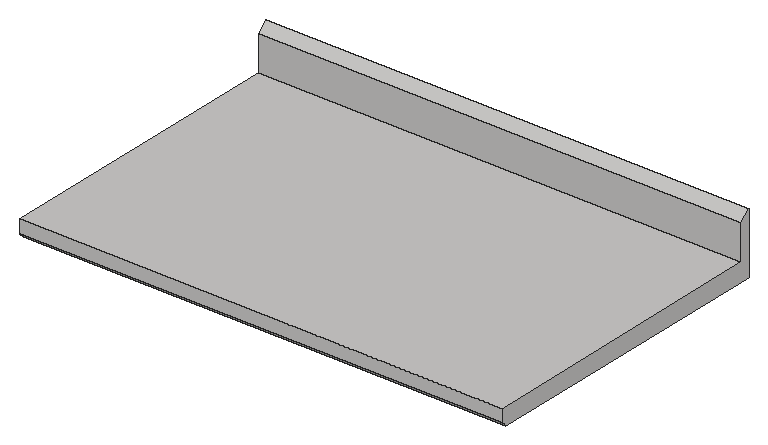
Revit family "QF_ELECTROLUXPROFESSIONAL_121137_TPLA11A", category Attrezzature speciali, Revit 2020
Family settings
  Quota connettore circolare = Usa diametro
  Tipo di parte = Normale
  Basato su piano di lavoro = No
  Sempre verticale = Sì
  Taglio con vuoti quando caricato = No
  Condiviso = No
  Punto di calcolo locali = No
Parameters (values of type "Standard")
  Weight = 38.00 kg
  Watts = 0 W
  Volts = 0 V
  URL Manufacturer = "https://www.electroluxprofessional.com/"
  URL = "https://www.electroluxprofessional.com/"
  Steam Supply Size = 0 mm
  Steam Supply Minimum Pressure = 0.0 Pa
  Steam Supply Maximum Pressure = 0.0 Pa
  Steam Consumption per Hour = 0
  Refrigeration Suction Line Size = 0.0 mm
  Refrigeration Liquid Line Size = 0.0 mm
  Refrigerant Compressor Remote = yes
  Prospetto di default = 0.0 mm
  Phase = 0
  Modello = "TPLA11A"
  Produttore = "Electrolux Professional"
  Length Actual = 1100.0 mm  # constant formula
  Item Number = "121137"
  Hot Water Size = 0 mm
  Height Actual = 140.0 mm  # constant formula
  HP = "0 HP"
  Gas Size = 0 mm
  Gas KW = 0
  Gas Input Pressure = 0 W
  Direct Waste Size = 0 mm
  Descrizione = "WORK TOP WITH UPSTAND 1100MM"
  Depth Actual = 700.0 mm  # constant formula
  Cycle = 0 Hz
  Condensate Return Size = 0 mm
  Compressed Air Volume = 0.0 L/s
  Compressed Air Size = 0 mm
  Compressed Air Pressure = 0.0 Pa
  Cold Water Size = 0 mm
  Accessory = yes
Reference planes
  plane 1 "Center (Front/Back)": y = 0
  plane 2: z = 0
  plane 3 "Center (Left/Right)": x = -50
  plane 4 "LEFT": x = -600
  plane 5 "RIGHT": x = 500
  plane 6 "BACK": y = 350
  plane 7 "FRONT": y = -350
  plane 8 "TOP": z = 1000
  plane 9: z = 900
  plane 10: z = 860
Forms (mm)
  Extrusion 1, solid, material "QF_Finishes_Stainless Steel"
    sketch origin (-50, 0, 0) x (0, 1, 0) y (0, 0, 1)
      loop
        line (350, 1000) -> (330, 980) -> (330, 900) -> (-350, 900) -> (-350, 870) -> (-340, 860) -> (350, 860) -> (350, 1000)
    from 550 to -550
Lines and regions (mm)
  symbolic lines
    curve 1: line (500, 350, 1000) -> (-600, 350, 1000)
    curve 2: line (-600, 350, 1000) -> (-600, -350, 1000)
    curve 3: line (-600, -350, 1000) -> (500, -350, 1000)
    curve 4: line (500, -350, 1000) -> (500, 350, 1000)
    curve 5: line (-600, 330, 1000) -> (500, 330, 1000)
Dimensions and locks
  plane 4 "LEFT" to plane 5 "RIGHT" = 1100.0 mm
  equal spacing: plane 4 "LEFT", plane 3 "Center (Left/Right)", plane 5 "RIGHT"
  plane 6 "BACK" to plane 7 "FRONT" = 700.0 mm
  equal spacing: plane 6 "BACK", plane 1 "Center (Front/Back)", plane 7 "FRONT"
  locked: plane 8 "TOP" to plane 9 at 100
  locked: plane 6 "BACK" to Extrusion 1 sketch curve at 20
  plane 10 to level = 860.0 mm
  plane 8 "TOP" to plane 10 = 140.0 mm
  aligned and locked: level to plane 2
  aligned and locked: Extrusion 1 to plane 4 "LEFT"
  aligned and locked: plane 5 "RIGHT" to Extrusion 1
  aligned and locked: curve 2 to plane 4 "LEFT"
  aligned and locked: Extrusion 1 sketch curve to plane 9
  aligned and locked: Extrusion 1 sketch curve to plane 6 "BACK"
  aligned and locked: plane 7 "FRONT" to Extrusion 1 sketch curve
  aligned and locked: plane 10 to Extrusion 1 sketch curve
Automatic sketch dimensions
  curve 3 to plane 7 "FRONT" = 0.0 mm
  curve 4 to plane 5 "RIGHT" = 0.0 mm
  curve 4 to plane 6 "BACK" = 0.0 mm
  curve 5 to plane 6 "BACK" = 20.0 mm
  Extrusion 1 sketch curve to plane 8 "TOP" = 0.0 mm
  Extrusion 1 sketch curve to plane 8 "TOP" = 20.0 mm
  plane 7 "FRONT" to Extrusion 1 sketch curve = 10.0 mm
  level to Extrusion 1 sketch curve = 870.0 mm
